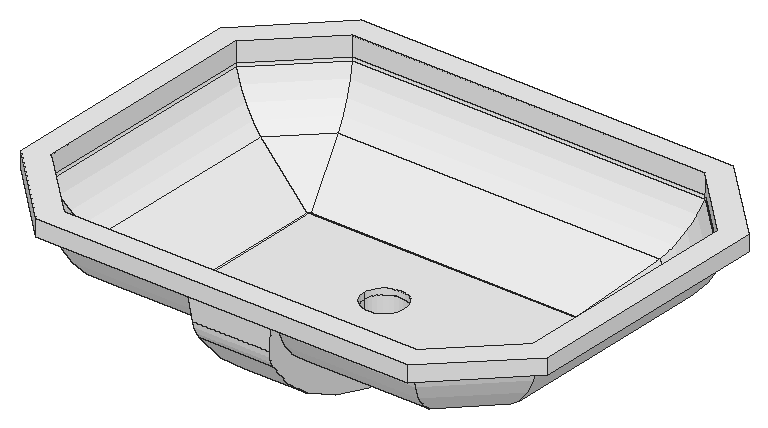
Revit family "Basin-Undercounter-DXV-Belshire-D20205000.415", category Plumbing Fixtures, Revit 2016
Family settings
  Part Type = Normal
  Round Connector Dimension = Use Diameter
  OmniClass Number = 23.45.05.14.14
  OmniClass Title = Sinks/Lavatories
  Work Plane-Based = Yes
  Always vertical = No
  Cut with Voids When Loaded = Yes
  Shared = Yes
  Room Calculation Point = No
Parameters (values of type "D20205000.415")
  Width = 19"  # constant formula
  Waste Connection Height = 25"
  Waste Connection Diameter = 1 1/4"
  Waste Connection = yes
  Warranty Documentation Link = "https://www.dxv.com/-/media/files/dxv/warranty/dxv_warranty_booklet.ashx"
  WFU = 2
  Vent Connection = no
  URL = "https://www.dxv.com/en"
  Product Page URL = ""
  Product Documentation Link = ""
  Price = "Prices may vary. Please consult Manufacturer Representative for most up-to-date price list."  # constant formula
  Model = "D20205000.415"
  Material = "Vitreous China-DXV-415-Canvas White"
  Manufacturer = "DXV"  # constant formula
  Length = 14 5/8"  # constant formula
  Installation Type = "Undermount"  # constant formula
  Hot Water Connection Width = 4"
  Hot Water Connection Height = 25 1/2"
  Hot Water Connection Diameter = 3/8"
  Height = 5 1/2"  # constant formula
  HWFU = 1.5
  HW Connection = yes
  Finish = Vitreous China-DXV-415-Canvas White
  Description = " DXV BELSHIRE™ UNDERCOUNTER SINK "  # constant formula
  Default Elevation = 34"
  Creation Date = "7/10/2020"  # constant formula
  Cold Water Connection Width = 4"
  Cold Water Connection Height = Hot Water Connection Height  # 25 1/2"
  Cold Water Connection Diameter = 3/8"
  CWFU = 1.5
  CW Connection = yes
  Basin Shape = "Rectangular"  # constant formula
  Assembly Code = "D2010310"
Reference planes (in)
  plane 1 "Center (Front/Back)": y = 0
  plane 2: z = 0
  plane 3 "Center (Left/Right)": x = 0
  plane 4: y = -2
  plane 5: y = -4
  plane 6: z = -0.75
  plane 7: z = -34
  plane 8: z = -9
  plane 9: z = -8.5
  plane 10: x = -4
  plane 11: x = 4
  plane 12: y = -0.03125
  plane 13: y = -18.625
  plane 14: x = -9.5
  plane 15: x = 9.5
  plane 16: z = -6.25
  plane 17: z = -4.25
  plane 18: z = -1.3125
  plane 19: x = -4
  plane 20: x = 4
  plane 21: y = -4.8125
  plane 22: y = -17.8125
  plane 23: y = -11.3125
  plane 24: x = -8.6875
  plane 25: x = 8.6875
Forms (in)
  Extrusion 1, solid, material "Vitreous China-DXV-415-Canvas White" <- "Finish"
    sketch origin (0, 0, 0) x (1, 0, 0) y (0, 1, 0)
      loop
        line (6.68998, -4) -> (-6.68998, -4) -> (-9.5, -6.81002) -> (-9.5, -15.81498) -> (-6.68998, -18.625) -> (6.68998, -18.625) -> (9.5, -15.81498) -> (9.5, -6.81002) -> (6.68998, -4)
      loop
        line (-8.6875, -7.14656) -> (-8.6875, -15.47844) -> (-6.35344, -17.8125) -> (6.35344, -17.8125) -> (8.6875, -15.47844) -> (8.6875, -7.14656) -> (6.35344, -4.8125) -> (-6.35344, -4.8125) -> (-8.6875, -7.14656)
    from -1.3125 to -0.75
  Revolve 2, solid, material "Vitreous China-DXV-415-Canvas White" <- "Finish"
    sketch origin (0, -11.3125, -0.14189) x (1, 0, 0) y (0, 0, 1)
      loop
        line (0.75, -6.10811) -> (1.12047, -6.10811)
        arc (1.12047, -6.10811) -> (1.20248, -6.07745) -> (1.24425, -6.00051) r 0.125
        line (1.24425, -6.00051) -> (1.47986, -4.3241) -> (0.75, -4.3241) -> (0.75, -6.10811)
      axis (0, -6.10811) -> (0, -4.3241)
    angle from 0 to 360
  Extrusion 3, void
    sketch origin (0, 0.75, 0) x (1, 0, 0) y (0, 1, 0)
      loop
        circle (0, -12.0625) r 0.75
    from -6.25 to -3.75
  Extrusion 4, void
    sketch origin (0, 0, -11.50282) x (1, 0, 0) y (0, 0, 1)
      loop
        circle (0, 9.75282) r 0.1875
      loop
        circle (0.75, 9.75282) r 0.1875
      loop
        circle (-0.75, 9.75282) r 0.1875
    from 17.17056 to 18.10795
  Extrusion 5, void
    sketch origin (0, 0, 0) x (1, 0, 0) y (0, 1, 0)
      loop
        line (-8.6875, -7.14656) -> (-8.6875, -15.47844) -> (-6.35344, -17.8125) -> (6.35344, -17.8125) -> (8.6875, -15.47844) -> (8.6875, -7.14656) -> (6.35344, -4.8125) -> (-6.35344, -4.8125) -> (-8.6875, -7.14656)
    from -6.25 to 0
  Extrusion 6, solid, not visible
    sketch origin (0, 0, 0) x (1, 0, 0) y (0, 0, 1)
      loop
        circle (0, -9) r 0.625
      loop
        circle (-4, -8.5) r 0.1875
      loop
        circle (4, -8.5) r 0.1875
    from 0 to 0.03125
  Extrusion 7, void
    sketch origin (0.30804, 0, -4.61572) x (1, 0, 0) y (0, 0, 1)
      loop
        line (-1.28133, -1.23637) -> (-1.8154, 3.30322) -> (-2.40742, 3.30322) -> (-2.40742, -1.63428) -> (1.79134, -1.63428) -> (1.79134, 3.30322) -> (1.19931, 3.30322) -> (0.66524, -1.23637) -> (-1.28133, -1.23637)
    from 7.14656 to 18.625
  Extrusion 8, solid, material "Vitreous China-DXV-415-Canvas White" <- "Finish"
    sketch origin (0.22014, 0, 0) x (0, 1, 0) y (0, 0, 1)
      loop
        arc (-18.20634, -2.36293) -> (-18.13436, -2.68521) -> (-17.9805, -2.97739) r 1.25
        arc (-17.9805, -2.97739) -> (-17.16398, -3.91721) -> (-16.17985, -4.67975) r 6.35305
        arc (-16.17985, -4.67975) -> (-14.15052, -5.61644) -> (-11.94965, -6.00599) r 8.71213
        line (-11.94965, -6.00599) -> (-11.94965, -4.40671) -> (-13.92909, -4.40671)
        arc (-13.92909, -4.40671) -> (-15.28954, -3.94032) -> (-16.56811, -3.28182) r 9.90494
        arc (-16.56811, -3.28182) -> (-17.48246, -2.43986) -> (-18.0059, -1.3125) r 3.19201
        line (-18.0059, -1.3125) -> (-18.29824, -1.3125) -> (-18.20634, -2.36293)
    from -1.84514 to 1.40486
  Sweep 9, solid, material "Vitreous China-DXV-415-Canvas White" <- "Finish"
    path origin (-60.41868, -180, -1.3125) x (-1, 0, 0) y (0, -1, 0)
      loop
        line (-54.06525, -175.1875) -> (-51.73118, -172.85344) -> (-51.73118, -164.52156) -> (-54.06525, -162.1875) -> (-66.77212, -162.1875) -> (-69.10618, -164.52156) -> (-69.10618, -172.85344) -> (-66.77212, -175.1875) -> (-54.06525, -175.1875)
    profile origin (0, -4.8125, -1.3125) x (0, 1, 0) y (0, 0, 1)
      loop
        line (0.25768, -0.00005) -> (0, -0.00005) -> (0, -0.13123)
        arc (0, -0.13123) -> (-0.00513, -0.19092) -> (-0.02037, -0.24887) r 0.34991
        arc (-0.02037, -0.24887) -> (-0.53931, -1.14927) -> (-1.34214, -1.80918) r 2.90289
        arc (-1.34214, -1.80918) -> (-2.56232, -2.42254) -> (-3.82992, -2.93072) r 16.16632
        arc (-3.82992, -2.93072) -> (-3.84945, -2.93579) -> (-3.86956, -2.9375) r 0.11918
        line (-3.86956, -2.9375) -> (-3.93668, -2.9375) -> (-3.93668, -3.15349) -> (-3.86309, -3.15349)
        arc (-3.86309, -3.15349) -> (-2.49636, -2.68442) -> (-1.21182, -2.02266) r 9.96744
        arc (-1.21182, -2.02266) -> (-0.27511, -1.15809) -> (0.25768, -0.00005) r 3.25451
  Extrusion 10, solid, material "Vitreous China-DXV-415-Canvas White" <- "Finish"
    sketch origin (-60.41868, -180, -1.3125) x (-1, 0, 0) y (0, -1, 0)
      loop
        line (-55.66786, -166.15219) -> (-55.69587, -166.12418) -> (-65.14149, -166.12418) -> (-65.1695, -166.15219) -> (-65.1695, -171.22281) -> (-65.14149, -171.25082) -> (-55.69587, -171.25082) -> (-55.66786, -171.22281) -> (-55.66786, -166.15219)
    from -3.15349 to -2.9375
Cuts and joins
  Extrusion 4 cuts Extrusion 1
  Extrusion 4 cuts Revolve 2
  Extrusion 3, Extrusion 4, Extrusion 7 cuts Extrusion 8
  Extrusion 4 cuts Sweep 9
  Extrusion 3, Extrusion 4 cuts Extrusion 10
  joined: Extrusion 1, Revolve 2, Extrusion 8, Sweep 9, Extrusion 10
Lines and regions (in)
  Masking region 1
    outline origin (-60.41868, -180, -1.3125) x (-1, 0, 0) y (0, -1, 0)
      loop
        line (-53.7287, -176) -> (-50.91868, -173.18998) -> (-50.91868, -164.18502) -> (-53.7287, -161.375) -> (-67.10867, -161.375) -> (-69.91868, -164.18502) -> (-69.91868, -173.18998) -> (-67.10867, -176) -> (-53.7287, -176)
  symbolic lines, detail levels fine
    curve 1: line (-6.35344, -4.8125, -1.3125) -> (-8.6875, -7.14656, -1.3125)
    curve 2: line (-8.6875, -7.14656, -1.3125) -> (-8.6875, -15.47844, -1.3125)
    curve 3: line (-8.6875, -15.47844, -1.3125) -> (-6.35344, -17.8125, -1.3125)
    curve 4: line (-6.35344, -17.8125, -1.3125) -> (6.35344, -17.8125, -1.3125)
    curve 5: line (6.35344, -17.8125, -1.3125) -> (8.6875, -15.47844, -1.3125)
    curve 6: line (8.6875, -15.47844, -1.3125) -> (8.6875, -7.14656, -1.3125)
    curve 7: line (8.6875, -7.14656, -1.3125) -> (6.35344, -4.8125, -1.3125)
    curve 8: line (6.35344, -4.8125, -1.3125) -> (-6.35344, -4.8125, -1.3125)
    curve 9: circle (0, -11.3125, -1.3125) r 0.75 normal (0, 0, 1)
    curve 10: spline (-4.85758, -8.73297, -1.3125) -> (-5.07089, -8.64442, -1.3125) -> (-5.28325, -8.55631, -1.3125) -> (-5.49462, -8.46863, -1.3125) -> (-5.70496, -8.38142, -1.3125) -> (-5.91423, -8.29469, -1.3125) -> (-6.12239, -8.20845, -1.3125) -> (-6.32941, -8.12271, -1.3125) -> (-6.53526, -8.0375, -1.3125) -> (-6.73989, -7.95283, -1.3125) -> (-6.94327, -7.86871, -1.3125) -> (-7.14535, -7.78515, -1.3125) -> (-7.34612, -7.70218, -1.3125)
    curve 11: spline (-4.76703, -8.64242, -1.3125) -> (-4.85525, -8.42897, -1.3125) -> (-4.94311, -8.2165, -1.3125) -> (-5.03057, -8.00505, -1.3125) -> (-5.11764, -7.79465, -1.3125) -> (-5.20428, -7.58535, -1.3125) -> (-5.2905, -7.37717, -1.3125) -> (-5.37626, -7.17016, -1.3125) -> (-5.46156, -6.96435, -1.3125) -> (-5.54638, -6.75978, -1.3125) -> (-5.63071, -6.55649, -1.3125) -> (-5.71452, -6.35451, -1.3125) -> (-5.79782, -6.15388, -1.3125)
    curve 12: spline (4.76703, -8.64242, -1.3125) -> (4.85558, -8.42911, -1.3125) -> (4.94369, -8.21675, -1.3125) -> (5.03137, -8.00538, -1.3125) -> (5.11858, -7.79504, -1.3125) -> (5.20531, -7.58577, -1.3125) -> (5.29155, -7.37761, -1.3125) -> (5.37729, -7.17059, -1.3125) -> (5.4625, -6.96474, -1.3125) -> (5.54717, -6.76011, -1.3125) -> (5.63129, -6.55673, -1.3125) -> (5.71485, -6.35465, -1.3125) -> (5.79782, -6.15388, -1.3125)
    curve 13: spline (7.34612, -7.70218, -1.3125) -> (7.14549, -7.78548, -1.3125) -> (6.94351, -7.86929, -1.3125) -> (6.74022, -7.95362, -1.3125) -> (6.53565, -8.03844, -1.3125) -> (6.32984, -8.12374, -1.3125) -> (6.12283, -8.2095, -1.3125) -> (5.91465, -8.29572, -1.3125) -> (5.70535, -8.38236, -1.3125) -> (5.49495, -8.46943, -1.3125) -> (5.2835, -8.55689, -1.3125) -> (5.07103, -8.64475, -1.3125) -> (4.85758, -8.73297, -1.3125)
    curve 14: spline (4.85758, -13.89203, -1.3125) -> (5.07089, -13.98058, -1.3125) -> (5.28325, -14.06869, -1.3125) -> (5.49462, -14.15637, -1.3125) -> (5.70496, -14.24358, -1.3125) -> (5.91423, -14.33031, -1.3125) -> (6.12239, -14.41655, -1.3125) -> (6.32941, -14.50229, -1.3125) -> (6.53526, -14.5875, -1.3125) -> (6.73989, -14.67217, -1.3125) -> (6.94327, -14.75629, -1.3125) -> (7.14535, -14.83985, -1.3125) -> (7.34612, -14.92282, -1.3125)
    curve 15: spline (5.79782, -16.47112, -1.3125) -> (5.71452, -16.27049, -1.3125) -> (5.63071, -16.06851, -1.3125) -> (5.54638, -15.86522, -1.3125) -> (5.46156, -15.66065, -1.3125) -> (5.37626, -15.45484, -1.3125) -> (5.2905, -15.24783, -1.3125) -> (5.20428, -15.03965, -1.3125) -> (5.11764, -14.83035, -1.3125) -> (5.03057, -14.61995, -1.3125) -> (4.94311, -14.4085, -1.3125) -> (4.85525, -14.19603, -1.3125) -> (4.76703, -13.98258, -1.3125)
    curve 16: spline (-4.76703, -13.98258, -1.3125) -> (-4.85558, -14.19589, -1.3125) -> (-4.94369, -14.40825, -1.3125) -> (-5.03137, -14.61962, -1.3125) -> (-5.11858, -14.82996, -1.3125) -> (-5.20531, -15.03923, -1.3125) -> (-5.29155, -15.24739, -1.3125) -> (-5.37729, -15.45441, -1.3125) -> (-5.4625, -15.66026, -1.3125) -> (-5.54717, -15.86489, -1.3125) -> (-5.63129, -16.06827, -1.3125) -> (-5.71485, -16.27035, -1.3125) -> (-5.79782, -16.47112, -1.3125)
    curve 17: spline (-7.34612, -14.92282, -1.3125) -> (-7.14549, -14.83952, -1.3125) -> (-6.94351, -14.75571, -1.3125) -> (-6.74022, -14.67138, -1.3125) -> (-6.53565, -14.58656, -1.3125) -> (-6.32984, -14.50126, -1.3125) -> (-6.12283, -14.4155, -1.3125) -> (-5.91465, -14.32928, -1.3125) -> (-5.70535, -14.24264, -1.3125) -> (-5.49495, -14.15557, -1.3125) -> (-5.2835, -14.06811, -1.3125) -> (-5.07103, -13.98025, -1.3125) -> (-4.85758, -13.89203, -1.3125)
    curve 18: spline (-8.66756, -15.47017, -1.3125) -> (-8.60163, -15.44188, -1.3125) -> (-8.52651, -15.40997, -1.3125) -> (-8.44249, -15.37454, -1.3125) -> (-8.34987, -15.33573, -1.3125) -> (-8.249, -15.29368, -1.3125) -> (-8.14023, -15.24853, -1.3125) -> (-8.02397, -15.20047, -1.3125) -> (-7.90065, -15.14966, -1.3125) -> (-7.77072, -15.09629, -1.3125) -> (-7.63465, -15.04056, -1.3125) -> (-7.49295, -14.98266, -1.3125) -> (-7.34612, -14.92282, -1.3125)
    curve 19: spline (-5.79782, -16.47112, -1.3125) -> (-5.85932, -16.61726, -1.3125) -> (-5.91859, -16.7584, -1.3125) -> (-5.97539, -16.89402, -1.3125) -> (-6.02953, -17.02364, -1.3125) -> (-6.0808, -17.14677, -1.3125) -> (-6.12902, -17.26296, -1.3125) -> (-6.17401, -17.37179, -1.3125) -> (-6.21561, -17.47285, -1.3125) -> (-6.25365, -17.56579, -1.3125) -> (-6.28801, -17.65025, -1.3125) -> (-6.31856, -17.72593, -1.3125) -> (-6.34518, -17.79256, -1.3125)
    curve 20: spline (6.34517, -17.79256, -1.3125) -> (6.31688, -17.72663, -1.3125) -> (6.28497, -17.65151, -1.3125) -> (6.24954, -17.56749, -1.3125) -> (6.21073, -17.47487, -1.3125) -> (6.16868, -17.374, -1.3125) -> (6.12353, -17.26523, -1.3125) -> (6.07547, -17.14897, -1.3125) -> (6.02466, -17.02565, -1.3125) -> (5.97129, -16.89572, -1.3125) -> (5.91556, -16.75965, -1.3125) -> (5.85766, -16.61795, -1.3125) -> (5.79782, -16.47112, -1.3125)
    curve 21: spline (7.34612, -14.92282, -1.3125) -> (7.49226, -14.98432, -1.3125) -> (7.6334, -15.04359, -1.3125) -> (7.76902, -15.10039, -1.3125) -> (7.89864, -15.15453, -1.3125) -> (8.02177, -15.2058, -1.3125) -> (8.13796, -15.25402, -1.3125) -> (8.24679, -15.29901, -1.3125) -> (8.34785, -15.34061, -1.3125) -> (8.44079, -15.37865, -1.3125) -> (8.52525, -15.41301, -1.3125) -> (8.60093, -15.44356, -1.3125) -> (8.66756, -15.47018, -1.3125)
    curve 22: spline (8.66756, -7.15483, -1.3125) -> (8.60163, -7.18312, -1.3125) -> (8.52651, -7.21503, -1.3125) -> (8.44249, -7.25046, -1.3125) -> (8.34987, -7.28927, -1.3125) -> (8.249, -7.33132, -1.3125) -> (8.14023, -7.37647, -1.3125) -> (8.02397, -7.42453, -1.3125) -> (7.90065, -7.47534, -1.3125) -> (7.77072, -7.52871, -1.3125) -> (7.63465, -7.58444, -1.3125) -> (7.49295, -7.64234, -1.3125) -> (7.34612, -7.70218, -1.3125)
    curve 23: spline (5.79782, -6.15388, -1.3125) -> (5.85932, -6.00774, -1.3125) -> (5.91859, -5.8666, -1.3125) -> (5.97539, -5.73098, -1.3125) -> (6.02953, -5.60136, -1.3125) -> (6.0808, -5.47823, -1.3125) -> (6.12902, -5.36204, -1.3125) -> (6.17401, -5.25321, -1.3125) -> (6.21561, -5.15215, -1.3125) -> (6.25365, -5.05921, -1.3125) -> (6.28801, -4.97475, -1.3125) -> (6.31856, -4.89907, -1.3125) -> (6.34518, -4.83244, -1.3125)
    curve 24: spline (-5.79782, -6.15388, -1.3125) -> (-5.85766, -6.00705, -1.3125) -> (-5.91556, -5.86535, -1.3125) -> (-5.97129, -5.72928, -1.3125) -> (-6.02466, -5.59935, -1.3125) -> (-6.07547, -5.47603, -1.3125) -> (-6.12353, -5.35977, -1.3125) -> (-6.16868, -5.251, -1.3125) -> (-6.21073, -5.15013, -1.3125) -> (-6.24954, -5.05751, -1.3125) -> (-6.28497, -4.97349, -1.3125) -> (-6.31688, -4.89837, -1.3125) -> (-6.34517, -4.83244, -1.3125)
    curve 25: spline (-7.34612, -7.70218, -1.3125) -> (-7.49226, -7.64068, -1.3125) -> (-7.6334, -7.58141, -1.3125) -> (-7.76902, -7.52461, -1.3125) -> (-7.89864, -7.47047, -1.3125) -> (-8.02177, -7.4192, -1.3125) -> (-8.13796, -7.37098, -1.3125) -> (-8.24679, -7.32599, -1.3125) -> (-8.34785, -7.28439, -1.3125) -> (-8.44079, -7.24635, -1.3125) -> (-8.52525, -7.21199, -1.3125) -> (-8.60093, -7.18144, -1.3125) -> (-8.66756, -7.15482, -1.3125)
Dimensions and locks (in)
  plane 4 to plane 1 "Center (Front/Back)" = 2"
  plane 5 to plane 4 = 2"
  "Hot Water Connection Width": plane 10 to plane 3 "Center (Left/Right)"
  "Cold Water Connection Width": plane 11 to plane 3 "Center (Left/Right)"
  "Waste Connection Height": plane 8 to plane 7
  "Hot Water Connection Height": plane 9 to plane 7
  "Default Elevation": level to plane 7
  level to plane 6 = 3/4"
  locked: plane 12 to plane 1 "Center (Front/Back)" at 0.03125
  "Length": plane 13 to plane 5
  "Width": plane 14 to plane 15
  "Height": plane 6 to plane 16
  plane 6 to plane 17 = 3 1/2"
  locked: plane 6 to plane 18 at 0.5625
  plane 20 to plane 19 = 8"
  plane 22 to plane 21 = 13"
  plane 24 to plane 25 = 17 3/8"
  aligned and locked: Extrusion 6 sketch curve to plane 10
  aligned and locked: plane 9 to Extrusion 6 sketch curve  (x2)
  aligned and locked: plane 11 to Extrusion 6 sketch curve
  aligned and locked: plane 3 "Center (Left/Right)" to Extrusion 6 sketch curve
  aligned and locked: plane 8 to Extrusion 6 sketch curve
  aligned and locked: Extrusion 6 to plane 1 "Center (Front/Back)"
  aligned and locked: plane 12 to Extrusion 6
  aligned and locked: plane 1 "Center (Front/Back)" to Extrusion 6
  aligned and locked: Extrusion 6 to plane 12
  aligned and locked: Extrusion 1 to plane 18
  aligned and locked: Extrusion 1 sketch curve to plane 5
  aligned and locked: Extrusion 1 sketch curve to plane 14
  aligned and locked: Extrusion 1 sketch curve to plane 13
  aligned and locked: Extrusion 1 sketch curve to plane 15
  aligned and locked: Extrusion 1 sketch curve to plane 24
  aligned and locked: Extrusion 1 sketch curve to plane 21
  aligned and locked: Extrusion 1 sketch curve to plane 25
  aligned and locked: Extrusion 1 sketch curve to plane 22
  aligned and locked: cut or joined group of Extrusion 1, Revolve 2, Extrusion 3, Extrusion 4, Extrusion 7, Extrusion 8, Sweep 9, Extrusion 10 to Sweep 9 sketch curve  (x4)
  aligned and locked: Extrusion 7 to cut or joined group of Extrusion 1, Revolve 2, Extrusion 3, Extrusion 4, Extrusion 7, Extrusion 8, Sweep 9, Extrusion 10
  aligned and locked: Revolve 2 sketch curve to cut or joined group of Extrusion 1, Revolve 2, Extrusion 3, Extrusion 4, Extrusion 7, Extrusion 8, Sweep 9, Extrusion 10
  aligned and locked: plane 16 to Extrusion 7 sketch curve
  aligned and locked: Extrusion 10 sketch curve to cut or joined group of Extrusion 1, Revolve 2, Extrusion 3, Extrusion 4, Extrusion 7, Extrusion 8, Sweep 9, Extrusion 10  (x8)
  aligned and locked: Extrusion 5 sketch curve to cut or joined group of Extrusion 1, Revolve 2, Extrusion 3, Extrusion 4, Extrusion 7, Extrusion 8, Sweep 9, Extrusion 10  (x8)
  aligned and locked: Extrusion 5 to cut or joined group of Extrusion 1, Revolve 2, Extrusion 3, Extrusion 4, Extrusion 7, Extrusion 8, Sweep 9, Extrusion 10
  aligned and locked: Extrusion 7 to Extrusion 1  (x2)
  aligned and locked: curve 1 to Extrusion 5
  aligned and locked: curve 2 to Extrusion 5
  aligned and locked: curve 3 to Extrusion 5
  aligned and locked: curve 4 to Extrusion 5
  aligned and locked: curve 5 to Extrusion 5
  aligned and locked: curve 6 to Extrusion 5
  aligned and locked: curve 7 to Extrusion 5
  aligned and locked: curve 8 to Extrusion 5
  aligned and locked: curve 9 to cut or joined group of Extrusion 1, Revolve 2, Extrusion 3, Extrusion 4, Extrusion 7, Extrusion 8, Sweep 9, Extrusion 10
  aligned and locked: Masking region 1 sketch curve to cut or joined group of Extrusion 1, Revolve 2, Extrusion 3, Extrusion 4, Extrusion 7, Extrusion 8, Sweep 9, Extrusion 10  (x8)
Automatic sketch dimensions
  Extrusion 3 sketch curve to plane 3 "Center (Left/Right)" = 0"
  Extrusion 4 sketch curve to plane 3 "Center (Left/Right)" = 0"
  Extrusion 4 sketch curve to plane 3 "Center (Left/Right)" = 3/4"
  Extrusion 4 sketch curve to Extrusion 4 sketch curve = 3/4"
  Extrusion 4 sketch curve to plane 6 = 1"  (x2)
  Extrusion 4 sketch curve to Extrusion 4 sketch curve = 0"
  plane 23 to Extrusion 3 sketch curve = 0"
  plane 24 to Sweep 9 sketch curve = 2.33406"  (x2)
  plane 21 to Sweep 9 sketch curve = 2.33406"  (x2)
  Sweep 9 sketch curve to Sweep 9 sketch curve = 2.33406"
  Sweep 9 sketch curve to plane 22 = 2.33406"  (x2)
  Sweep 9 sketch curve to plane 25 = 2.33406"
  plane 24 to Extrusion 1 sketch curve = 1.99752"  (x2)
  Extrusion 1 sketch curve to Extrusion 1 sketch curve = 0.33655"  (x8)
  Extrusion 1 sketch curve to plane 25 = 2.33406"  (x2)
  Extrusion 1 sketch curve to plane 22 = 1.99752"  (x2)
  plane 21 to Extrusion 1 sketch curve = 2.33406"  (x2)
  Revolve 2 sketch curve to plane 3 "Center (Left/Right)" = 0"
  Revolve 2 sketch curve to plane 16 = 0"
  plane 3 "Center (Left/Right)" to Revolve 2 sketch curve = 3/4"
  Revolve 2 sketch curve to Revolve 2 sketch curve = 0.37047"
  plane 16 to Revolve 2 sketch curve = 0.1076"
  Revolve 2 sketch curve to Revolve 2 sketch curve = 0.12378"
  Revolve 2 sketch curve to Revolve 2 sketch curve = 0.72986"
  Revolve 2 sketch curve to plane 16 = 3/4"
  plane 17 to Revolve 2 sketch curve = 3/4"
  Sweep 9 sketch curve to profile plane = 0"
  Sweep 9 sketch curve to plane 18 = 0.13123"
  Sweep 9 sketch curve to Sweep 9 sketch curve = 0.34991"
  plane 18 to Sweep 9 sketch curve = 0.72708"
  Sweep 9 sketch curve to Sweep 9 sketch curve = 2.40437"
  Sweep 9 sketch curve to Sweep 9 sketch curve = 0.15379"
  profile plane to Sweep 9 sketch curve = 3.86309"
  Sweep 9 sketch curve to Sweep 9 sketch curve = 0.00647"
  Sweep 9 sketch curve to Sweep 9 sketch curve = 0.07359"
  profile plane to Sweep 9 sketch curve = 6.40686"
  Sweep 9 sketch curve to Sweep 9 sketch curve = 2.79956"
  Sweep 9 sketch curve to plane 18 = 0.00005"
  Sweep 9 sketch curve to profile plane = 0.25768"
  Sweep 9 sketch curve to plane 18 = 2.81832"
  Sweep 9 sketch curve to Sweep 9 sketch curve = 0.11918"
  Sweep 9 sketch curve to Sweep 9 sketch curve = 0.21599"
  Sweep 9 sketch curve to Sweep 9 sketch curve = 0.02777"
  plane 18 to Sweep 9 sketch curve = 6.48389"
  Sweep 9 sketch curve to Sweep 9 sketch curve = 5.83149"
  Sweep 9 sketch curve to Sweep 9 sketch curve = 0"  (x2)
  Extrusion 8 sketch curve to plane 18 = 0"
  Extrusion 8 sketch curve to plane 13 = 0.32676"
  plane 22 to Extrusion 8 sketch curve = 0.39384"
  plane 22 to Extrusion 8 sketch curve = 0.1934"
  Extrusion 8 sketch curve to plane 22 = 0.8514"
  plane 6 to Extrusion 8 sketch curve = 0.19235"
  Extrusion 8 sketch curve to Extrusion 8 sketch curve = 2.05667"
  plane 23 to Extrusion 8 sketch curve = 1.48695"
  plane 23 to Extrusion 8 sketch curve = 0.63715"
  plane 23 to Extrusion 8 sketch curve = 0.23171"
  plane 23 to Extrusion 8 sketch curve = 0.09314"
  Extrusion 8 sketch curve to plane 18 = 0.94148"
  Extrusion 8 sketch curve to plane 18 = 1.05043"
  plane 16 to Extrusion 8 sketch curve = 0.24401"
  level to Extrusion 8 sketch curve = 0.6993"
  Extrusion 8 sketch curve to Extrusion 8 sketch curve = 1.9974"
  Extrusion 8 sketch curve to Extrusion 8 sketch curve = 0"  (x2)
  Extrusion 8 sketch curve to plane 17 = 0.15671"
  Extrusion 8 sketch curve to Extrusion 8 sketch curve = 1.97944"
  Extrusion 7 sketch curve to plane 18 = 0"  (x2)
  plane 19 to Extrusion 7 sketch curve = 1.90062"
  Extrusion 7 sketch curve to Extrusion 7 sketch curve = 0.59203"  (x2)
  plane 16 to Extrusion 7 sketch curve = 0.39791"
  Extrusion 7 sketch curve to plane 3 "Center (Left/Right)" = 0.97328"
  plane 3 "Center (Left/Right)" to Extrusion 7 sketch curve = 0.97328"
  plane 3 "Center (Left/Right)" to Extrusion 7 sketch curve = 1.50735"
  curve 12 to plane 15 = 0.01386"
  plane 15 to curve 15 = 0.18807"
  curve 13 to plane 5 = 0.18807"
  plane 15 to curve 13 = 6.95245"
  curve 14 to plane 13 = 0.01386"
  plane 15 to curve 14 = 7.0361"
  curve 13 to plane 25 = 1.34138"
  curve 14 to plane 25 = 1.34138"
  curve 7 to curve 12 = 0.55562"
  curve 4 to curve 15 = 0.55562"
  plane 20 to curve 13 = 0.85758"
  plane 20 to curve 14 = 0.85758"
  curve 13 to curve 12 = 0.09055"
  curve 14 to curve 15 = 0.09055"  (x2)
  curve 15 to plane 20 = 1.22826"
  curve 12 to plane 20 = 1.557"
  plane 3 "Center (Left/Right)" to curve 17 = 0.42439"
  plane 3 "Center (Left/Right)" to curve 10 = 0.28823"
  plane 23 to curve 14 = 0.2555"
  curve 13 to plane 3 "Center (Left/Right)" = 0.42439"
  plane 19 to curve 16 = 1.557"
  plane 19 to curve 11 = 1.22826"
  curve 16 to plane 19 = 0.76703"
  curve 11 to plane 19 = 0.76703"
  curve 11 to curve 10 = 0.09055"
  curve 16 to curve 17 = 0.09055"
  curve 16 to curve 3 = 0.55562"
  curve 11 to curve 1 = 0.55562"
  curve 17 to curve 18 = 1.23842"
  curve 18 to curve 18 = 1.25012"
  plane 24 to curve 10 = 1.34138"
  plane 24 to curve 18 = 0.01994"
  curve 18 to plane 24 = 0.17196"
  plane 14 to curve 16 = 0.01386"
  curve 11 to plane 14 = 0.18807"
  plane 13 to curve 17 = 0.18807"
  curve 17 to plane 14 = 6.95245"
  plane 5 to curve 10 = 0.01386"
  curve 10 to plane 14 = 7.0361"
  curve 11 to plane 1 "Center (Front/Back)" = 2.95245"
  curve 12 to plane 1 "Center (Front/Back)" = 3.0361"
  plane 21 to curve 12 = 1.34138"
  plane 21 to curve 11 = 1.34138"
  curve 1 to curve 10 = 0.55562"
  curve 6 to curve 13 = 0.55562"
  curve 12 to curve 15 = 0.05819"
  curve 11 to curve 16 = 0.19435"
  curve 12 to curve 14 = 0.1038"
  curve 17 to curve 11 = 0.03236"
  curve 17 to curve 16 = 0.09055"
  curve 18 to curve 18 = 0.47181"
  curve 19 to curve 18 = 0.84853"
  curve 19 to plane 22 = 0.01994"
  curve 19 to curve 3 = 0.00825"
  plane 22 to curve 19 = 0.17883"
  curve 20 to curve 4 = 0.08095"
  curve 20 to plane 22 = 0.01994"
  curve 4 to curve 20 = 0.00827"
  plane 20 to curve 20 = 1.32601"
  plane 25 to curve 21 = 0.17883"
  curve 21 to plane 25 = 0.01994"
  curve 21 to curve 20 = 0.80252"
  curve 21 to curve 20 = 0.84853"
  plane 25 to curve 22 = 0.17196"
  curve 22 to plane 25 = 0.01994"
  curve 22 to curve 22 = 1.25012"
  curve 22 to curve 6 = 0.08095"
  curve 23 to curve 7 = 0.06435"
  plane 21 to curve 23 = 0.01994"
  curve 7 to curve 23 = 0.00825"
  curve 22 to curve 23 = 0.84853"
  curve 24 to plane 19 = 1.32601"
  plane 21 to curve 24 = 0.01994"
  curve 24 to curve 1 = 0.00827"
  curve 24 to plane 21 = 0.17196"
  curve 24 to curve 25 = 0.80252"
  plane 24 to curve 25 = 0.01994"
  curve 25 to plane 24 = 0.17883"
  curve 25 to curve 1 = 0.06435"
  radius of Extrusion 3 sketch curve = 3/4"
  radius of Extrusion 4 sketch curve = 3/16"  (x3)
  radius of Extrusion 6 sketch curve = 5/8"
  radius of Extrusion 6 sketch curve = 3/16"  (x2)
Connectors (in)
  piping at (0, 0, -9), diameter 1.25, driven by "WFU", driven by "Waste Connection Diameter"
    settings: on Extrusion 6, index 1, connector inside diameter 24", connector length 0", flow factor 0, pipe flow 0 GPM, pressure drop 0.00 psi, fitting loss kfactor 0, connector angle 0.00°, fixture units 2, engagement length 0", angle of deflection 0.00°, flow configuration 3, flow direction 2, fitting loss method 0, system type 16, joint type 0, gender type 0, connector reference index -1, connector utility 0, adjustable connector yes, is connector primary yes, connector description "1-1/4\" O.D. Waste Outlet"
  piping at (4, 0, -8.5), diameter 0.375, driven by "Cold Water Connection Diameter", driven by "CWFU"
    settings: on Extrusion 6, index 2, connector inside diameter 24", connector length 0", flow factor 0, pipe flow 0 GPM, pressure drop 0.00 psi, fitting loss kfactor 0, connector angle 0.00°, fixture units 1.5, engagement length 0", angle of deflection 0.00°, flow configuration 3, flow direction 1, fitting loss method 0, system type 20, joint type 0, gender type 0, connector reference index -1, connector utility 0, adjustable connector no, is connector primary no, connector description "3/8\" CW Supply Inlet"
  piping at (-4, 0, -8.5), diameter 0.375, driven by "Hot Water Connection Diameter", driven by "HWFU"
    settings: on Extrusion 6, index 3, connector inside diameter 24", connector length 0", flow factor 0, pipe flow 0 GPM, pressure drop 0.00 psi, fitting loss kfactor 0, connector angle 0.00°, fixture units 1.5, engagement length 0", angle of deflection 0.00°, flow configuration 3, flow direction 1, fitting loss method 0, system type 19, joint type 0, gender type 0, connector reference index -1, connector utility 0, adjustable connector no, is connector primary no, connector description "3/8\" HW Supply Inlet"
